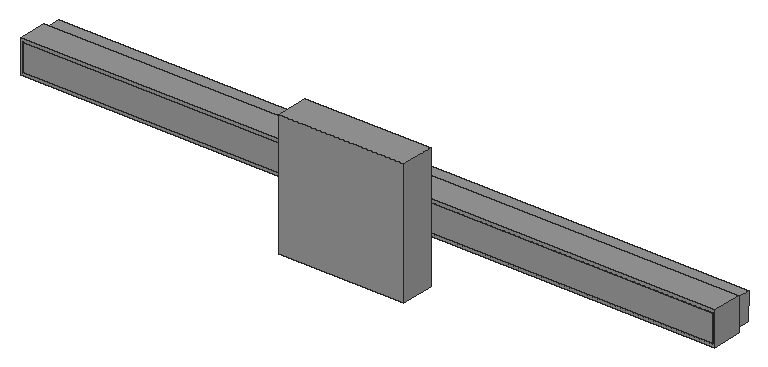
Revit family "NAN-25V-SN", category Lighting Fixtures, host Wall, Revit 2017
Family settings
  Host = Wall
  Round Connector Dimension = Use Diameter
  Part Type = Normal
  OmniClass Number = 23.80.70.00
  OmniClass Title = Lighting
  Always vertical = Yes
  Cut with Voids When Loaded = No
  Light Source = Yes
  Shared = No
  Room Calculation Point = No
Parameters
  Wattage = 6.57053 W
  built-in parameter 1150110 = 1 (stored number, unit not read)
  URL = "Blackjacklighting.com"
  built-in parameter 1114217 = 1 (stored number, unit not read)
  built-in parameter 1150109 = 1 (stored number, unit not read)
  built-in parameter 1150134 = (empty or 0)
  built-in parameter 1150113 = 1 (stored number, unit not read)
  Phone = "(847) 941-0588"
  Model = "NAN-25V-SN"
  Manufacturer = "BLACKJACK® LIGHTING"
  Lumens = 976 lm
  built-in parameter 1150115 = 1 (stored number, unit not read)
  built-in parameter 1150105 = 310.67 (stored number, unit not read)
  Light Source Symbol Size = 25.0"
  built-in parameter 1150137 = (empty or 0)
  built-in parameter 1150139 = (empty or 0)
  built-in parameter 1150112 = 1 (stored number, unit not read)
  built-in parameter 1150114 = 1 (stored number, unit not read)
  Lamp = "LED"
  built-in parameter 1150132 = 2
  built-in parameter 1150102 = (empty or 0)
  built-in parameter 1150138 = (empty or 0)
  built-in parameter 1150107 = 3000 (stored number, unit not read)
  built-in parameter 1150106 = 3.1067 (stored number, unit not read)
  Fax = "(847) 306-3432"
  Emit from Line Length = 24.0"
  built-in parameter 1150104 = 13.8 (stored number, unit not read)
  EMAIL = "sales@blackjacklighting.com"
  Dimming Lamp Color Temperature Shift = (empty or 0)
  Color Filter = 16777215
  built-in parameter 1114218 = 1 (stored number, unit not read)
  built-in parameter 1150133 = 10 (stored number, unit not read)
  Apparent Load = 22 VA
Reference planes (in)
  plane 1: y = 3
  plane 2 "Light Source Axis (L/R)": x = -1.43133
  plane 3 "Light Source Elevation": z = 77.42225
Forms (in)
  Extrusion 1, solid, material "Stainless Steel, Polished"
    sketch origin (0, 2.128, 31.74597) x (1, 0, 0) y (0, 0, 1)
      loop
        line (11.06867, 46.27628) -> (-13.93133, 46.27628) -> (-13.93133, 45.07628) -> (11.06867, 45.07628) -> (11.06867, 46.27628)
      loop
        line (10.96867, 45.17628) -> (10.96867, 46.17628) -> (-13.83133, 46.17628) -> (-13.83133, 45.17628) -> (10.96867, 45.17628)
    from -3.1149 to -2.06083
  Extrusion 2, solid, material "Stainless Steel, Polished White"
    sketch origin (-201.63796, 15.675, 35.2815) x (1, 0, 0) y (0, 0, 1)
      loop
        line (202.45664, 44.39074) -> (197.95664, 44.39074) -> (197.95664, 39.89074) -> (202.45664, 39.89074) -> (202.45664, 44.39074)
    from 11.48617 to 12.675
  Extrusion 3, solid, material "Stainless Steel, Polished"
    sketch origin (-198.10243, 16.18883, 31.74597) x (1, 0, 0) y (0, 0, 1)
      loop
        line (209.0711, 46.17628) -> (184.2711, 46.17628) -> (184.2711, 45.17628) -> (209.0711, 45.17628) -> (209.0711, 46.17628)
    from 11.875 to 12
  Extrusion 4, solid, material "Acrylic"
    sketch origin (0, 4.69542, 31.74597) x (1, 0, 0) y (0, 0, 1)
      loop
        line (-13.83133, 46.17628) -> (-13.83133, 45.17628) -> (10.96867, 45.17628) -> (10.96867, 46.17628) -> (-13.83133, 46.17628)
    from -1.10458 to 0.38159
Text (in)
  text "Placement Side" at (0, 40.15149, 123.01588), in view "Right"
  text "Placement Side" at (0, 85.69064, 140.59947), in view "Left"
Dimensions and locks (in)
  aligned: level to host wall
  aligned and locked: plane 2 "Light Source Axis (L/R)" to imposter light
Connectors (in)
  electrical at (-1.43133, 3, 77.42225)
    settings: on Extrusion 2, index 1, voltage 120 V, apparent load 22 VA, apparent load phase1 0 VA, apparent load phase2 0 VA, apparent load phase3 0 VA, power factor 1, load classification "Lighting", number of poles 1, system type 30, power factor state 1, is connector primary yes, connector utility no, sub classification motor no, connector description ""
